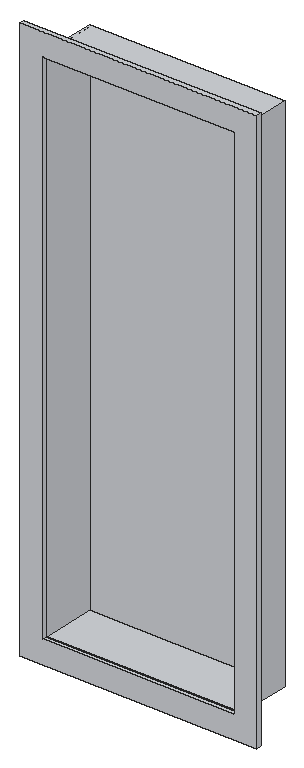
Revit family "Hager-VOLTA-Hollow_wall-Other-Without_Cover-Without_DIN-NoHosted-PL-pl", category Electrical Equipment, Revit 2023
Family settings
  Panel Configuration = Two Columns, Circuits Across
  Round Connector Dimension = Use Diameter
  Part Type = Panelboard
  Work Plane-Based = Yes
  Always vertical = Yes
  Cut with Voids When Loaded = No
  Maintain Annotation Orientation = No
  Shared = No
  Room Calculation Point = No
Parameters (values of type "VOLTA-Hollow_wall_W348_H880_D98_12_Modular_Spacing-VH60NK")
  Width Control [instance] = if([HG000006-Flush mounted-pl], if([EF000846 - Szerokość wbudowania] > min_whd, [EF000846 - Szerokość wbudowania], min_whd), if([EF000008 - Szerokość] > min_whd, ([EF000008 - Szerokość]), min_whd))  # 314 mm
  Void Depth [instance] = if([EF000218 - Głębokość wbudowania] > 1 mm, [EF000218 - Głębokość wbudowania], 1 mm)  # 90 mm
  Uniformat code = "D501001"
  Uniformat = "Low Tension Service & Dist."
  Référence = ""
  HGEF0002950-Szerokość wyrażona liczbą modułów = 12
  HGEF000266-Liczba rzędów = 5
  HG000131 - Functional label [instance] = ""
  HG000130 - Functional name [instance] = ""
  HG000099-Onfly Template ID-pl-PL = "507532"
  HG000059-Operating voltage-pl-PL [instance] = 230 V
  HG000017-Distance between poles-pl = 18 mm
  HG000016-Door 3D visibility-pl = yes
  HG000015-Clearance visibility-pl = yes
  HG000014-Door on the right-pl = yes
  HG000013-Door on the left-pl = no
  HG000012-Door swing angle-pl = 90.00°
  HG000011-Empty rows from bottom-pl = no
  HG000010-Asymmetric doors-pl = no
  HG000009-Double swing door-pl = no
  HG000008-Number of empty rows-pl = 0
  HG000007-Number of empty columns-pl = 0
  HG000006-Flush mounted-pl = yes
  HG000005-Thickness-pl = 2 mm
  HG000004-Manufacturer reference-pl = "VH60NK"
  HG000003-Range-pl = "VOLTA"
  HG000002-with door or cover-pl = no
  HG000001-Number of columns-pl = 0
  ETIM class name = "Small distribution board"
  ETIM class code = "EC000214"
  EF015941 - Drzwi przepuszczające sygnał = no
  EF015777 - Listwa zaciskowa przewodu neutralnego = no
  EF015776 - Listwa zaciskowa uziemienia = no
  EF009212 - Wykonanie/rodzaj pokrywy = ""
  EF006306 - Z zamkiem = no
  EF006244 - Transparentna pokrywa/drzwi = no
  EF005474 - Stopień ochrony (IP) = "Inne"
  EF004464 - Rodzaj drzwi = ""
  EF004462 - Rodzaj zamknięcia = "Inne"
  EF002950 - Szerokość wyrażona liczbą modułów = 12
  EF001596 - Materiał obudowy = ""
  EF001134 - Szyna DIN = no
  EF001131 - Głębokość wewnętrzna = 0 mm
  EF001088 - Możliwość rozbudowy = yes
  EF001062 - Wykonanie zgodne z Dyrektywą Kompatybilności Elektromagnetycznej EMC = no
  EF000846 - Szerokość wbudowania = 314 mm
  EF000339 - Rodzaj pokrywy = ""
  EF000332 - Wysokość wbudowania = 846 mm
  EF000266 - Liczba rzędów = 5
  EF000218 - Głębokość wbudowania = 90 mm
  EF000118 - Z płytą montażową = no
  EF000116 - Numer RAL = 9010
  EF000049 - Głębokość = 98 mm
  EF000040 - Wysokość = 880 mm
  EF000024 - Odporność na promieniowanie UV = no
  EF000008 - Szerokość = 348 mm
  EF000007 - Kolor = "Biały"
  EF000003 - Sposób montażu = "Do ścian pustych"
  Type Comments = ""
  System Height [instance] = Height Control - 2 * [HG000005-Thickness-pl]  # 842 mm
  Reference description = ""
  Reference = "VOLTA-Hollow_wall_W348_H880_D98_12_Modular_Spacing-VH60NK"
  Panel Name [instance] = ""  # (empty or 0)
  Offset [instance] = 0 mm
  Object type = ""
  Name hager = "ADD_Enclosures_EC000214"
  Name BIM&CO = "Electricity"
  Name = "VOLTA-Hollow_wall-Other-Without_Cover-Without_DIN-PL"
  Model = ""
  Level Offset [instance] = [Flush Mounted - Door Frame Width] + Offset  # 34 mm
  HG000060-RAL-number = "9010"
  GTIN (Global Trade Item Number) = ""
  Description = ""
  Default Elevation = 1200 mm
  Creation Date = "12/15/2025 21:47:46"
  Code hager = "ADD-EC000214_EU"
  Code Uniformat = ""
  BIM&CO code = ""
  BC_VARIANT_ID = "1174402"
  BC_OBJECT_VERSION = "#5"  # constant formula
  BC_OBJECT_ID = "513500"  # constant formula
  BC_MODEL_ID = "1547253"  # constant formula
  BC_METADATA = "{\"ObjectGuid\":\"bc35c96e-cb38-443e-833d-0616858cb9ac\",\"ModelGuid\":\"8af03f69-2293-4735-a617-cc53adf55621\",\"VariantGuid\":\"8b6e323b-1b53-409a-a940-11b5a7fc5337\",\"Revision\":\"#4\",\"VariantName\":\"Template-Enclosure_EU-EC000214\"}"
  Arrow Offset [instance] = Depth Control / 8  # 11.25 mm
  Arrow Height [instance] = Depth Control - Arrow Offset  # 78.75 mm
  Host Offset [instance] = if([HG000006-Flush mounted-pl], 0 mm, [EF000049 - Głębokość])  # 0 mm
  min_whd [instance] = (2 * [HG000005-Thickness-pl]) + 1 mm  # 5 mm
  Manufacturer = "Hager"  # constant formula
  Height Control [instance] = if([HG000006-Flush mounted-pl], if([EF000332 - Wysokość wbudowania] > min_whd, [EF000332 - Wysokość wbudowania], min_whd), if([EF000040 - Wysokość] > min_whd, ([EF000040 - Wysokość]), min_whd))  # 846 mm
  Flush Mounted - Door Frame Width [instance] = if(([EF000040 - Wysokość] - [EF000332 - Wysokość wbudowania]) > 0 mm, if([HG000006-Flush mounted-pl], [EF000040 - Wysokość] - [EF000332 - Wysokość wbudowania], 0 mm), 0 mm)  # 34 mm
  Depth Control [instance] = if([HG000006-Flush mounted-pl], if([EF000218 - Głębokość wbudowania] > 0 mm, [EF000218 - Głębokość wbudowania], 1 mm), if([EF000049 - Głębokość] > 0 mm, ([EF000049 - Głębokość]), 1 mm))  # 90 mm
Types (5, lengths in mm): name | HGEF000266-Liczba rzędów | HG000004-Manufacturer reference-pl | EF009212 - Wykonanie/rodzaj pokrywy | EF004462 - Rodzaj zamknięcia | EF001062 - Wykonanie zgodne z Dyrektywą Kompatybilności Elektromagnetycznej EMC | EF000332 - Wysokość wbudowania | EF000266 - Liczba rzędów | EF000049 - Głębokość | EF000040 - Wysokość | EF000008 - Szerokość | System Height | Reference | Level Offset | BC_VARIANT_ID | Height Control | Flush Mounted - Door Frame Width
  VOLTA-Hollow_wall_W330_H355_D94_12_Modular_Spacing-VH12NK | 1 | "VH12NK" | "Zamknięty" | "" | yes | 346 | 1 | 94 | 355 | 330 | 342 | "VOLTA-Hollow_wall_W330_H355_D94_12_Modular_Spacing-VH12NK" | 9 | "1174398" | 346 | 9
  VOLTA-Hollow_wall_W348_H505_D98_12_Modular_Spacing-VH24NK | 2 | "VH24NK" | "" | "Inne" | no | 471 | 2 | 98 | 505 | 348 | 467 | "VOLTA-Hollow_wall_W348_H505_D98_12_Modular_Spacing-VH24NK" | 34 | "1174399" | 471 | 34
  VOLTA-Hollow_wall_W348_H630_D98_12_Modular_Spacing-VH36NK | 3 | "VH36NK" | "" | "Inne" | no | 596 | 3 | 98 | 630 | 348 | 592 | "VOLTA-Hollow_wall_W348_H630_D98_12_Modular_Spacing-VH36NK" | 34 | "1174400" | 596 | 34
  VOLTA-Hollow_wall_W348_H755_D98_12_Modular_Spacing-VH48NK | 4 | "VH48NK" | "" | "Inne" | no | 721 | 4 | 98 | 755 | 348 | 717 | "VOLTA-Hollow_wall_W348_H755_D98_12_Modular_Spacing-VH48NK" | 34 | "1174401" | 721 | 34
  VOLTA-Hollow_wall_W348_H880_D98_12_Modular_Spacing-VH60NK | 5 | "VH60NK" | "" | "Inne" | no | 846 | 5 | 98 | 880 | 348 | 842 | "VOLTA-Hollow_wall_W348_H880_D98_12_Modular_Spacing-VH60NK" | 34 | "1174402" | 846 | 34
Reference planes
  plane 1 "Center (Front/Back)": y = 0
  plane 2: z = 0
  plane 3 "Center (Left/Right)": x = 0
  plane 4: y = 36
  plane 5: y = 90
  plane 6: y = 34
  plane 7: z = 0
  plane 8: x = -157
  plane 9: x = 157
  plane 10: x = 155
  plane 11: x = -155
  plane 12: z = 34
  plane 13: z = 36
  plane 14: y = 5
  plane 15: y = 0
  plane 16: y = 88
  plane 17: z = 878
  plane 18: z = 880
  plane 19: z = 457
  plane 20: x = 0
  plane 21: y = -100
  plane 22 "Annotation H": y = -300
  plane 23 "Annotation V": x = 357
Forms (mm)
  Extrusion 1, solid
    sketch origin (-208.679, -4572, 34) x (-1, 0, 0) y (0, -1, 0)
      loop
        line (-51.679, -4572) -> (-365.679, -4572) -> (-365.679, -4662) -> (-51.679, -4662) -> (-51.679, -4572)
    from 0 to 846 <- "Height Control"
  Extrusion 2, void
    sketch origin (-350.771, 0, 1219.2) x (1, 0, 0) y (0, 0, 1)
      loop
        line (195.771, -341.2) -> (195.771, -1183.2) -> (505.771, -1183.2) -> (505.771, -341.2) -> (195.771, -341.2)
    from 0 to -88
  Extrusion 3, solid, detail levels coarse+medium
    sketch origin (-350.771, 0, 1219.2) x (-1, 0, 0) y (0, 0, 1)
      loop
        line (-195.771, -341.2) -> (-505.771, -341.2) -> (-505.771, -1183.2) -> (-195.771, -1183.2) -> (-195.771, -341.2)
    from 0 to 2 <- "HG000005-Thickness-pl"
Cuts and joins
  Extrusion 2 cuts Extrusion 1
Dimensions and locks
  "Flush Mounted - Door Frame Width": plane 1 "Center (Front/Back)" to plane 6
  "HG000005-Thickness-pl": plane 4 to plane 6
  "HG000005-Thickness-pl": plane 8 to plane 11
  "HG000005-Thickness-pl": plane 9 to plane 10
  equal spacing: plane 8, plane 3 "Center (Left/Right)", plane 9
  "Width Control": plane 8 to plane 9
  locked: plane 14 to plane 15 at 5
  "Host Offset": plane 1 "Center (Front/Back)" to plane 15
  "Depth Control": plane 5 to plane 15
  "HG000005-Thickness-pl": plane 5 to plane 16
  "HG000005-Thickness-pl": plane 13 to plane 12
  "Level Offset": plane 12 to level
  "HG000005-Thickness-pl": plane 18 to plane 17
  "Height Control": plane 18 to plane 12
  "Arrow Offset": plane 5 to nested 4
  equal spacing: plane 18, plane 19, plane 12
  locked: connector elem to plane 19
  locked: connector elem to plane 3 "Center (Left/Right)"
  Extrusion 2 sketch curve to Extrusion 2 sketch curve to plane 9 = 310 mm, 2 mm
  locked: plane 9 to plane 23 "Annotation V" at 200
  locked: plane 22 "Annotation H" to plane 1 "Center (Front/Back)" at 300
  aligned and locked: nested 1 to plane 14
  aligned and locked: plane 3 "Center (Left/Right)" to nested 1
  aligned and locked: plane 3 "Center (Left/Right)" to nested 2
  aligned and locked: nested 2 to plane 15
  aligned and locked: plane 5 to Extrusion 1
  aligned and locked: Extrusion 3 sketch curve to plane 17
  aligned and locked: Extrusion 3 sketch curve to plane 11
  aligned and locked: plane 13 to Extrusion 3 sketch curve
  aligned and locked: Extrusion 3 sketch curve to plane 10
  aligned and locked: plane 13 to Extrusion 2 sketch curve
  aligned and locked: Extrusion 2 sketch curve to plane 17
  aligned and locked: plane 16 to Extrusion 2
  aligned and locked: plane 5 to Extrusion 1 sketch curve
  aligned and locked: plane 9 to Extrusion 1 sketch curve
  aligned and locked: plane 8 to Extrusion 1 sketch curve
  aligned and locked: plane 8 to nested 4
  aligned and locked: plane 8 to nested 3
  aligned and locked: nested 3 to plane 5
  aligned and locked: Extrusion 1 sketch curve to plane 15
  aligned and locked: Extrusion 2 to plane 15
  aligned and locked: nested 5 to plane 22 "Annotation H"
  aligned and locked: plane 23 "Annotation V" to nested 5
  aligned and locked: plane 11 to Extrusion 2
  aligned and locked: plane 10 to Extrusion 2
Nested families
  nested 1: "Hager_Enclosure_System" at (0, 5, 36), Height <- "System Height", Width_Control <- "Width Control", Built-in_Width <- "EF000846 - Szerokość wbudowania", Width <- "EF000008 - Szerokość", Depth <- "HG000005-Thickness-pl", Border <- "HG000005-Thickness-pl", Distance_Between_Poles <- "HG000017-Distance between poles-pl", Flush_Mounted <- "HG000006-Flush mounted-pl", Empty_Columns <- "HG000007-Number of empty columns-pl", Total_No_Empty_Rows <- "HG000008-Number of empty rows-pl", Empty_Rows_From_Bottom <- "HG000011-Empty rows from bottom-pl", Columns_Count <- "HG000001-Number of columns-pl", Rows_Count <- "HGEF000266-Liczba rzędów", Row_Module_Multiplicator <- "HGEF0002950-Szerokość wyrażona liczbą modułów", type "Hager_Enclosure_System", detail levels medium+fine
    with Width_Control 314 mm, Width 348 mm, Total_No_Rows 5, Total_No_Empty_Rows 0, Total_No_Columns 1, System_Width 310 mm, Rows_Count 5, Rows_Column 5, Row_Module_Multiplicator 12, Panel_4 no, Panel_3 no, Panel_2 no, Panel_1 no, No_Panels_Ctrl 1, Hide_Columns yes, Height 842 mm, Flush_Mounted yes, Empty_Rows_From_Bottom no, Empty_Rows_Column 0, Empty_Columns 0, Empty column 4 0, Empty column 3 0, Empty column 2 0, Empty column 1 0, Distance_Between_Poles 18 mm, Depth 2 mm, Columns_Count 0, Column_Width 310 mm, Built-in_Width 314 mm, Border 2 mm
  nested 2: "Hager_Enclosure_Door" at (0, 0, 34), Height_Ctrl <- "Height Control", Width_Ctrl <- "Width Control", BuiltIn_Depth <- "EF000218 - Głębokość wbudowania", Depth <- "EF000049 - Głębokość", BuiltIn_Width <- "EF000846 - Szerokość wbudowania", Height <- "EF000040 - Wysokość", BuiltIn_Height <- "EF000332 - Wysokość wbudowania", Width <- "EF000008 - Szerokość", Transparent <- "EF006244 - Transparentna pokrywa/drzwi", Border <- "HG000005-Thickness-pl", Door <- "HG000002-with door or cover-pl", Flush_Mounted <- "HG000006-Flush mounted-pl", Double <- "HG000009-Double swing door-pl", Assymetrical <- "HG000010-Asymmetric doors-pl", Angle <- "HG000012-Door swing angle-pl", Door_Left <- "HG000013-Door on the left-pl", Door_Right <- "HG000014-Door on the right-pl", Clearance <- "HG000015-Clearance visibility-pl", 3d_Door <- "HG000016-Door 3D visibility-pl", type "Hager_Enclosure_Door", detail levels medium+fine
    with min_wh 5 mm, Width_Ctrl 314 mm, Width 348 mm, Transparent_Door_No_Bottom_Border no, Transparent no, Leaf_Width 307 mm, Leaf_Tolerance 1.5 mm, Leaf_Height 839 mm, Leaf_2_Width 307 mm, Leaf_2_Offset 153.5 mm, Leaf_1_Width 307 mm, Leaf_1_Offset 153.5 mm, Height_Ctrl 846 mm, Height 880 mm, Frame_Width_Ctrl 34 mm, Frame_Width 34 mm, Frame_Internal_Offset 2 mm, Frame_Height_Ctrl 34 mm, Frame_Height 34 mm, Frame_Depth_Ctrl 8 mm, Frame_Depth 8 mm, Flush_Mounted yes, Double_Clearance_Ctrl no, Double no, Door_Right_Ctrl no, Door_Right yes, Door_Left_Ctrl no, Door_Left no, Door no, Depth 98 mm, Clearance_Depth 307 mm, Clearance_Ctrl yes, Clearance yes, BuiltIn_Width 314 mm, BuiltIn_Height 846 mm, BuiltIn_Depth 90 mm, Border 2 mm, Assymetrical no, Angle 90.00°, 3d_Door yes
  nested 3: "Hager_Enclosure_Symbol_Triangle" at (-157, 90, 0), Depth <- "Depth Control", Width <- "Width Control", type "Hager_Enclosure_Symbol_Triangle"
    with Width_Ctrl 314 mm, Width 314 mm, Depth_Ctrl 90 mm, Depth 90 mm
  nested 4: "Hager_Enclosure_Symbol_Arrow" at (-157, 78.75, 0), Height <- "Arrow Height", type "Hager_Enclosure_Symbol_Arrow"
    with Width_Inside 5.906 mm, Width 70.875 mm, Height_Ctrl 78.75 mm, Height 78.75 mm
  nested 5: "Hager_Annotation-HG000130" at (357, -300, 0), HG000130 - Functional name <- "HG000130 - Functional name", type "Hager_Annotation-HG000130"
    with HG000130 - Functional name ""
Connectors
  electrical at (0, 90, 457), driven by "HG000059-Operating voltage-pl-PL"
    settings: on plane 5, index 1, voltage 230 V, apparent load 0 VA, apparent load phase1 0 VA, apparent load phase2 0 VA, apparent load phase3 0 VA, power factor 1, load classification "Other", number of poles 1, system type 30, power factor state 1, is connector primary yes, connector utility no, sub classification motor no, connector description ""
Definition of nested family "Hager_Enclosure_Door"
  Parameters (values of type "Hager_Enclosure_Door")
    min_wh [instance] = (2 * Border) + 1 mm  # 11 mm
    Width_Ctrl [instance] = 400 mm
    Width [instance] = 500 mm
    Transparent_Door_No_Bottom_Border [instance] = no
    Transparent [instance] = yes
    Leaf_Width [instance] = if((Width_Ctrl - 2 * Border - 2 * Leaf_Tolerance) > 0 mm, (Width_Ctrl - 2 * Border - 2 * Leaf_Tolerance), min_wh)  # 387 mm
    Leaf_Tolerance [instance] = 1.5 mm  # constant formula
    Leaf_Height [instance] = if((Height_Ctrl - 2 * Border - 2 * Leaf_Tolerance) > 0 mm, (Height_Ctrl - 2 * Border - 2 * Leaf_Tolerance), min_wh)  # 387 mm
    Leaf_2_Width [instance] = if(and(and(Double, Assymetrical), Door_Left), (Leaf_Width / 3) - (Leaf_Tolerance / 2), if(and(and(Double, Assymetrical), Door_Right), (Leaf_Width / 3) * 2 - (Leaf_Tolerance / 2), if(and(Double, not(Assymetrical)), (Leaf_Width / 2) - Leaf_Tolerance, Leaf_Width)))  # 387 mm
    Leaf_2_Offset [instance] = if(and(Double, Assymetrical), Leaf_2_Width / 2, if(and(Double, not(Assymetrical)), Leaf_Width / 4, Leaf_Width / 2))  # 193.5 mm
    Leaf_1_Width [instance] = if(and(and(Double, Assymetrical), Door_Right), (Leaf_Width / 3) - (Leaf_Tolerance / 2), if(and(and(Double, Assymetrical), Door_Left), (Width / 3) * 2 - (Leaf_Tolerance / 2), if(and(Double, not(Assymetrical)), (Leaf_Width / 2) - Leaf_Tolerance, Leaf_Width)))  # 387 mm
    Leaf_1_Offset [instance] = if(and(Double, Assymetrical), Leaf_1_Width / 2, if(and(Double, not(Assymetrical)), Leaf_Width / 4, Leaf_Width / 2))  # 193.5 mm
    Height_Ctrl [instance] = 400 mm
    Height [instance] = 500 mm
    Frame_Width_Ctrl [instance] = if(Frame_Width > 0 mm, Frame_Width, 1 mm)  # 1 mm
    Frame_Width [instance] = Width - BuiltIn_Width  # 0 mm
    Frame_Internal_Offset [instance] = if(Flush_Mounted, Border, 0 mm)  # 5 mm
    Frame_Height_Ctrl [instance] = if(Frame_Height > 0 mm, Frame_Height, 1 mm)  # 1 mm
    Frame_Height [instance] = Height - BuiltIn_Height  # 0 mm
    Frame_Depth_Ctrl [instance] = if(Frame_Depth > 0 mm, Frame_Depth, 1 mm)  # 1 mm
    Frame_Depth [instance] = if(Depth - BuiltIn_Depth > 0 mm, if(Flush_Mounted, Depth - BuiltIn_Depth, 0 mm), 0 mm)  # 0 mm
    Flush_Mounted [instance] = yes
    Double_Clearance_Ctrl [instance] = and(Double, Clearance)  # no
    Double [instance] = no
    Door_Right_Ctrl [instance] = and(or(Door_Right, Double), Door)  # yes
    Door_Right [instance] = yes
    Door_Left_Ctrl [instance] = and(or(Door_Left, Double), Door)  # no
    Door_Left [instance] = no
    Door [instance] = yes
    Depth [instance] = 500 mm
    Default Elevation = 1219.2 mm
    Clearance_Material = none
    Clearance_Depth [instance] = if(Leaf_1_Width > Leaf_2_Width, Leaf_1_Width, Leaf_2_Width)  # 387 mm
    Clearance_Ctrl [instance] = and(not(Double), Clearance)  # yes
    Clearance [instance] = yes
    BuiltIn_Width [instance] = 500 mm
    BuiltIn_Height [instance] = 500 mm
    BuiltIn_Depth [instance] = 500 mm
    Border [instance] = 5 mm
    Assymetrical [instance] = yes
    Angle [instance] = 30.00°
    3d_Door [instance] = yes
  Reference planes
    plane 1 "Center (Front/Back)": y = 0
    plane 2 "Bottom": z = 0
    plane 3 "Center (Left/Right)": x = 0
    plane 4: z = 400
    plane 5: x = -200
    plane 6: x = 200
    plane 7: z = 395
    plane 8: x = -195
    plane 9: z = 5
    plane 10: x = 195
    plane 11: y = 0
    plane 12: z = 6.5
    plane 13: x = -582
    plane 14: y = -387
    plane 15: x = 582
    plane 16: x = 0
    plane 17: x = 0
    plane 18: x = -193.5
    plane 19: x = 193.5
    plane 20: z = 393.5
  Forms (mm)
    Extrusion 1, solid, visible <- "Flush_Mounted"
      sketch origin (0, 0, 0) x (1, 0, 0) y (0, 0, 1)
        loop
          line (195, 5) -> (195, 395) -> (-195, 395) -> (-195, 5) -> (195, 5)
        loop
          line (-201, 401) -> (-201, -1) -> (201, -1) -> (201, 401) -> (-201, 401)
      from 0 to 1 <- "Frame_Depth_Ctrl"
    Extrusion 2, solid, material <- "Clearance_Material", visible <- "Double_Clearance_Ctrl"
      sketch origin (1200, 0, 0) x (1, 0, 0) y (0, 0, -1)
        loop
          line (-1782, -393.5) -> (-618, -393.5) -> (-618, 0) -> (-1782, 0) -> (-1782, -393.5)
      from 0 to -387
  Dimensions and locks
    equal spacing: plane 5, plane 3 "Center (Left/Right)", plane 6
    "Width_Ctrl": plane 5 to plane 6
    "Border": plane 5 to plane 8
    "Border": plane 6 to plane 10
    "Border": plane 9 to level
    "Border": plane 4 to plane 7
    "Height_Ctrl": plane 4 to level
    "Leaf_Tolerance": plane 12 to plane 9
    "Frame_Depth": plane 11 to plane 1 "Center (Front/Back)"
    "Frame_Width_Ctrl": plane 5 to Extrusion 1 sketch curve
    "Frame_Width_Ctrl": plane 6 to Extrusion 1 sketch curve
    "Frame_Width_Ctrl": Extrusion 1 sketch curve to plane 4
    "Frame_Width_Ctrl": plane 2 "Bottom" to Extrusion 1 sketch curve
    "Leaf_1_Offset": plane 18 to plane 16
    "Leaf_2_Offset": plane 17 to plane 19
    "Leaf_1_Width": plane 13 to plane 8
    "Leaf_2_Width": plane 10 to plane 15
    "Clearance_Depth": plane 14 to plane 1 "Center (Front/Back)"
    "Leaf_Tolerance": plane 8 to plane 18
    "Leaf_Tolerance": plane 19 to plane 10
    "Leaf_Tolerance": plane 7 to plane 20
    "Frame_Internal_Offset": plane 5 to Extrusion 1 sketch curve
    "Frame_Internal_Offset": Extrusion 1 sketch curve to plane 2 "Bottom"
    "Frame_Internal_Offset": plane 6 to Extrusion 1 sketch curve
    "Frame_Internal_Offset": plane 4 to Extrusion 1 sketch curve
    aligned and locked: level to plane 2 "Bottom"
    aligned and locked: nested 1 to plane 16
    aligned and locked: nested 2 to plane 17
    aligned and locked: Extrusion 2 to plane 13
    aligned and locked: plane 15 to Extrusion 2
    aligned and locked: Extrusion 2 to plane 14
    aligned and locked: plane 12 to nested 1
    aligned and locked: nested 2 to plane 12
    aligned and locked: Extrusion 2 to plane 11
    aligned and locked: plane 20 to Extrusion 2
    aligned and locked: nested 2 to plane 11
    aligned and locked: nested 1 to plane 11
  Automatic sketch dimensions
    Extrusion 2 sketch curve to level = 0 mm
    plane 5 to Extrusion 2 sketch curve = 382 mm
    plane 6 to Extrusion 2 sketch curve = 382 mm
    Extrusion 2 sketch curve to plane 4 = 6.5 mm
  Nested families
    nested 1: "Hager_Enclosure_Door_Leaf" at (0, 0, 6.5), Width <- "Leaf_1_Width", visible <- "Door_Left_Ctrl", Leaf_Height <- "Leaf_Height", Angle <- "Angle", Depth <- "Border", 3d_Door <- "3d_Door", Transparent <- "Transparent", Clearance Material <- "Clearance_Material", Clearance <- "Clearance_Ctrl", Transparent_Door_No_Bottom_Border <- "Transparent_Door_No_Bottom_Border", type "Hager_Enclosure_Door_Leaf"
      with Width 387 mm, Transparent_Door_No_Bottom_Border no, Transparent_Door_Border_Bottom_Top 25 mm, Transparent_Door_Border 25 mm, Transparent_Ctrl yes, Transparent yes, Standard no, Leaf_Height 387 mm, Glass_Offset 1 mm, Depth 5 mm, Clearance Material none, Clearance yes, Angle_Ctrl 30.00°, Angle 30.00°, 3d_Door yes
    nested 2: "Hager_Enclosure_Door_Leaf" at (0, 0, 6.5) x (-1, 0, 0) z (0, 0, 1), Width <- "Leaf_2_Width", visible <- "Door_Right_Ctrl", Leaf_Height <- "Leaf_Height", Angle <- "Angle", Depth <- "Border", 3d_Door <- "3d_Door", Transparent <- "Transparent", Clearance Material <- "Clearance_Material", Clearance <- "Clearance_Ctrl", Transparent_Door_No_Bottom_Border <- "Transparent_Door_No_Bottom_Border", type "Hager_Enclosure_Door_Leaf"
      with Width 387 mm, Transparent_Door_No_Bottom_Border no, Transparent_Door_Border_Bottom_Top 25 mm, Transparent_Door_Border 25 mm, Transparent_Ctrl yes, Transparent yes, Standard no, Leaf_Height 387 mm, Glass_Offset 1 mm, Depth 5 mm, Clearance Material none, Clearance yes, Angle_Ctrl 30.00°, Angle 30.00°, 3d_Door yes
  Definition of nested family "Hager_Enclosure_Door_Leaf"
    Parameters (values of type "Hager_Enclosure_Door_Leaf")
      Width [instance] = 2000 mm
      Transparent_Door_No_Bottom_Border [instance] = yes
      Transparent_Door_Border_Bottom_Top [instance] = if(Transparent_Door_No_Bottom_Border, 0.1 mm, Transparent_Door_Border)  # 0.1 mm
      Transparent_Door_Border [instance] = if(Transparent_Door_No_Bottom_Border, (Width * 0.12), 25 mm)  # 240 mm
      Transparent_Ctrl [instance] = and(Transparent, [3d_Door])  # yes
      Transparent [instance] = yes
      Standard [instance] = and(not(Transparent), [3d_Door])  # no
      Leaf_Height [instance] = 2720.336 mm
      Glass_Offset [instance] = if((Depth - 10 mm) / 2 > 0 mm, (Depth - 10 mm) / 2, 1 mm)  # 15 mm
      Glass_Material = none
      Depth [instance] = 40 mm
      Default Elevation = 0 mm
      Clearance Material [instance] = none
      Clearance [instance] = yes
      Angle_Ctrl [instance] = if(Angle > 170.00°, 170.00°, Angle)  # 45.00°
      Angle [instance] = 45.00°
      3d_Door [instance] = yes
    Reference planes
      plane 1 "Center (Front/Back)": y = 0
      plane 2: z = 0
      plane 3 "Center (Left/Right)": x = 0
      plane 4: y = 2000
      plane 5: x = -1000
      plane 6: x = 1000
      plane 7: x = -3000
      plane 8: z = 2720.336
      plane 9: z = 0.1
      plane 10: z = 2720.236
      plane 11: x = 760
      plane 12: x = -760
    Forms (mm)
      Extrusion 1, solid, material <- "Clearance Material", visible <- "Clearance"
        sketch origin (0, 0, 0) x (1, 0, 0) y (0, 0, 1)
          loop
            line (-3000, 2720.336) -> (-3000, 0) -> (1000, 0) -> (1000, 2720.336) -> (-3000, 2720.336)
        from 0 to -2000
      Extrusion 2, solid, visible <- "Standard", detail levels medium+fine
        sketch origin (-1000, 0, 0) x (0.707107, 0.707107, 0) y (-0.707107, 0.707107, 0)
          loop
            line (0, -40) -> (2000, -40) -> (2000, 0) -> (0, 0) -> (0, -40)
        from 0 to 2720.336 <- "Leaf_Height"
      Extrusion 3, solid, visible <- "Transparent_Ctrl", detail levels medium+fine
        sketch origin (-1000, 0, 0) x (0.707107, 0.707107, 0) y (-0.707107, 0.707107, 0)
          loop
            line (0, -40) -> (2000, -40) -> (2000, 0) -> (0, 0) -> (0, -40)
        from 0 to 2720.336 <- "Leaf_Height"
      Extrusion 4, void, detail levels medium+fine
        sketch origin (-1000, 0, 0) x (-0.707107, 0.707107, 0) y (0.707107, 0.707107, 0)
          loop
            line (0, 240) -> (0, 1760) -> (-40, 1760) -> (-40, 240) -> (0, 240)
        from -2720.236 to -0.1
      Extrusion 5, solid, material <- "Glass_Material", visible <- "Transparent_Ctrl", detail levels medium+fine
        sketch origin (-1000, 0, 0) x (0.707107, 0.707107, 0) y (-0.707107, 0.707107, 0)
          loop
            line (240, -15) -> (240, -25) -> (1760, -25) -> (1760, -15) -> (240, -15)
        from 0.1 to 2720.236
    Cuts and joins
      Extrusion 4 cuts Extrusion 3
    Lines and regions (mm)
      symbolic lines
        curve 1: line (1000, 0, 0) -> (-3000, 0, 0)
        curve 2: arc (1000, 0, 0) -> (-1000, 2000, 0) -> (-3000, 0, 0) r 2000
        curve 4: line (-1000, 0, 0) -> (414.214, 1414.214, 0)
      reference lines
        curve 3: line (-1000, 0, 0) -> (414.214, 1414.214, 0)
      symbolic lines, detail levels medium+fine
        curve 5: line (414.214, 1414.214, 0) -> (442.498, 1385.929, 0)
        curve 6: line (442.498, 1385.929, 0) -> (-971.716, -28.284, 0)
        curve 7: line (-971.716, -28.284, 0) -> (-1000, 0, 0)
        curve 8: line (-1000, 0, 2720.336) -> (1000, 0, 2720.336)
        curve 9: line (-1000, 0, 0) -> (-1000, 0, 2720.336)
        curve 10: line (1000, 0, 0) -> (-1000, 0, 0)
        curve 11: line (1000, 0, 2720.336) -> (1000, 0, 0)
      symbolic lines, visible <- "Transparent_Ctrl", detail levels medium+fine
        curve 12: line (-760, 0, 2720.236) -> (760, 0, 2720.236)
        curve 13: line (-760, 0, 0.1) -> (-760, 0, 2720.236)
        curve 14: line (760, 0, 0.1) -> (-760, 0, 0.1)
        curve 15: line (760, 0, 2720.236) -> (760, 0, 0.1)
    Dimensions and locks
      "Width": plane 1 "Center (Front/Back)" to plane 4
      equal spacing: plane 5, plane 3 "Center (Left/Right)", plane 6
      "Width": plane 5 to plane 6
      "Width": plane 7 to plane 5
      "Leaf_Height": plane 8 to level
      "Depth": curve 6 to curve 3
      "Width": curve 5 to curve 3
      "Width": curve 3 to curve 3
      "Transparent_Door_Border": Extrusion 4 sketch curve to curve 7
      "Transparent_Door_Border": Extrusion 4 sketch curve to curve 5
      "Transparent_Door_Border_Bottom_Top": plane 8 to plane 10
      "Transparent_Door_Border_Bottom_Top": plane 9 to level
      "Glass_Offset": Extrusion 5 sketch curve to curve 4
      "Glass_Offset": Extrusion 5 sketch curve to curve 6
      "Transparent_Door_Border": Extrusion 5 sketch curve to curve 5
      "Transparent_Door_Border": Extrusion 5 sketch curve to curve 7
      "Transparent_Door_Border": plane 12 to plane 5
      "Transparent_Door_Border": plane 6 to plane 11
      "Angle_Ctrl": angle plane 1 "Center (Front/Back)" to curve 3
      aligned and locked: level to plane 2
      aligned and locked: Extrusion 1 to curve 1
      aligned and locked: plane 6 to Extrusion 1
      aligned and locked: Extrusion 1 to plane 1 "Center (Front/Back)"
      aligned and locked: plane 4 to Extrusion 1
      aligned and locked: plane 8 to Extrusion 1
      aligned and locked: curve 4 to curve 3
      aligned and locked: Extrusion 2 sketch curve to curve 7
      aligned and locked: Extrusion 2 sketch curve to curve 6
      aligned and locked: Extrusion 2 sketch curve to curve 5
      aligned and locked: Extrusion 2 sketch curve to curve 3
      aligned and locked: curve 7 to Extrusion 3 sketch curve
      aligned and locked: Extrusion 3 sketch curve to curve 4
      aligned and locked: Extrusion 3 sketch curve to curve 6
      aligned and locked: Extrusion 3 sketch curve to curve 5
      aligned and locked: curve 4 to Extrusion 4 sketch curve
      aligned and locked: curve 6 to Extrusion 4 sketch curve
      aligned and locked: Extrusion 4 to plane 9
      aligned and locked: Extrusion 4 to plane 10
      aligned and locked: Extrusion 5 to plane 9
      aligned and locked: Extrusion 5 to plane 10
      aligned and locked: curve 8 to plane 8
      aligned and locked: plane 5 to curve 9
      aligned and locked: plane 2 to curve 10
      aligned and locked: curve 11 to plane 6
      aligned and locked: plane 10 to curve 12
      aligned and locked: plane 12 to curve 13
      aligned and locked: curve 14 to plane 9
      aligned and locked: plane 11 to curve 15
    Automatic sketch dimensions
      plane 1 "Center (Front/Back)" to curve 2 = 0 mm
      curve 2 to plane 5 = 0 mm
      Extrusion 1 sketch curve to level = 0 mm
      Extrusion 1 sketch curve to plane 7 = 0 mm
      Extrusion 1 sketch curve to plane 6 = 0 mm
      Extrusion 1 sketch curve to plane 8 = 0 mm
      plane 1 "Center (Front/Back)" to curve 3 = 0 mm
      curve 3 to plane 5 = 0 mm
      curve 7 to curve 3 = 0 mm
Definition of nested family "Hager_Enclosure_Symbol_Triangle"
  Parameters (values of type "Hager_Enclosure_Symbol_Triangle")
    Width_Ctrl [instance] = if(Width > 1 mm, Width, 1 mm)  # 498 mm
    Width [instance] = 498 mm
    Depth_Ctrl [instance] = if(Depth > 1 mm, Depth, 1 mm)  # 72 mm
    Depth [instance] = 72 mm
  Reference planes
    plane 1 "Centre (avant/arrière)": y = 0
    plane 2: z = 0
    plane 3 "Centre (gauche/droite)": x = 0
  Lines and regions (mm)
    Filled region 1, type "Solid_Black", in view "Niveau de réf."
      outline origin (0, 0, 0) x (1, 0, 0) y (0, 1, 0)
        loop
          line (0, 0) -> (498, 0) -> (498, 72) -> (0, 0)
    reference lines, in view "Niveau de réf."
      curve 1: line (-206.153, 72, 0) -> (1083.258, 72, 0)
      curve 2: line (498, 405.456, 0) -> (498, -517.619, 0)
  Dimensions and locks
    "Depth_Ctrl": plane 1 "Centre (avant/arrière)" to curve 1
    "Width_Ctrl": plane 3 "Centre (gauche/droite)" to curve 2
    aligned and locked: curve 1 to Filled region 1 sketch curve
    aligned and locked: Filled region 1 sketch curve to plane 1 "Centre (avant/arrière)"
    aligned and locked: curve 2 to Filled region 1 sketch curve
    aligned and locked: plane 3 "Centre (gauche/droite)" to Filled region 1 sketch curve
    aligned and locked: plane 1 "Centre (avant/arrière)" to Filled region 1 sketch curve
  Automatic sketch dimensions
    curve 1 to plane 3 "Centre (gauche/droite)" = 206.153 mm
    curve 2 to curve 1 = 585.258 mm
    plane 1 "Centre (avant/arrière)" to curve 2 = 517.619 mm
    curve 2 to plane 1 "Centre (avant/arrière)" = 405.456 mm
Definition of nested family "Hager_Enclosure_Symbol_Arrow"
  Parameters (values of type "Hager_Enclosure_Symbol_Arrow")
    Width_Inside [instance] = if(Width / 12 > 2 mm, Width / 12, 2 mm)  # 4.987 mm
    Width [instance] = if(Height_Ctrl * 0.9 > 2 mm, Height_Ctrl * 0.9, 2 mm)  # 59.85 mm
    Height_Ctrl [instance] = if(Height > 2 mm, Height, 2 mm)  # 66.5 mm
    Height [instance] = 66.5 mm
  Reference planes
    plane 1 "Centre (avant/arrière)": y = 0
    plane 2: z = 0
    plane 3 "Centre (gauche/droite)": x = 0
    plane 4: x = 59.85
    plane 5: y = 28.263
    plane 6: y = 38.238
    plane 7: y = 66.5
    plane 8: x = 29.925
    plane 9: y = 33.25
  Lines and regions (mm)
    Filled region 1, type "Solid_Black", in view "Niveau de réf."
      outline origin (0, 0, 0) x (1, 0, 0) y (0, 1, 0)
        loop
          line (59.85, 66.5) -> (37.929, 52.827) -> (51.846, 41.935) -> (59.85, 66.5)
    detail lines, in view "Niveau de réf."
      curve 1: line (0, 0, 0) -> (29.925, 38.238, 0)
      curve 2: line (29.925, 38.238, 0) -> (29.925, 28.263, 0)
      curve 3: line (29.925, 28.263, 0) -> (59.85, 66.5, 0)
  Dimensions and locks
    "Width": plane 3 "Centre (gauche/droite)" to plane 4
    "Height_Ctrl": plane 7 to plane 1 "Centre (avant/arrière)"
    equal spacing: plane 3 "Centre (gauche/droite)", plane 8, plane 4
    equal spacing: plane 7, plane 9, plane 1 "Centre (avant/arrière)"
    equal spacing: plane 6, plane 9, plane 5
    "Width_Inside": plane 6 to plane 9
    equal spacing: curve 3, Filled region 1 sketch curve, Filled region 1 sketch curve
    angle Filled region 1 sketch curve to curve 3 = 20.00°
    angle curve 3 to Filled region 1 sketch curve = 20.00°
    locked: curve 3 to Filled region 1 sketch curve (angle 90.00°)
  Automatic sketch dimensions
    plane 1 "Centre (avant/arrière)" to curve 1 = 0 mm
    curve 1 to plane 3 "Centre (gauche/droite)" = 0 mm
    curve 2 to plane 6 = 0 mm
    curve 3 to plane 8 = 0 mm
    curve 3 to plane 4 = 0 mm
    curve 2 to plane 5 = 0 mm
    curve 3 to plane 7 = 0 mm
    Filled region 1 sketch curve to plane 4 = 0 mm
    Filled region 1 sketch curve to plane 7 = 0 mm
Definition of nested family "Hager_Annotation-HG000130"
  Parameters (values of type "Hager_Annotation-HG000130")
    HG000130 - Functional name [instance] = ""
  Reference planes
    plane 1: y = 0
    plane 2: x = 0
  Lines and regions (mm)
    detail lines
      curve 1: line (-27.5, 10, 0) -> (27.5, 10, 0)
      curve 2: line (-27.5, -10, 0) -> (-27.5, 10, 0)
      curve 3: line (27.5, -10, 0) -> (-27.5, -10, 0)
      curve 4: line (27.5, 10, 0) -> (27.5, -10, 0)
  Text (mm)
    label "HG000130 - Functional name" at (0.16, 0.026, 0), shows "HG000130 - Functional name"
